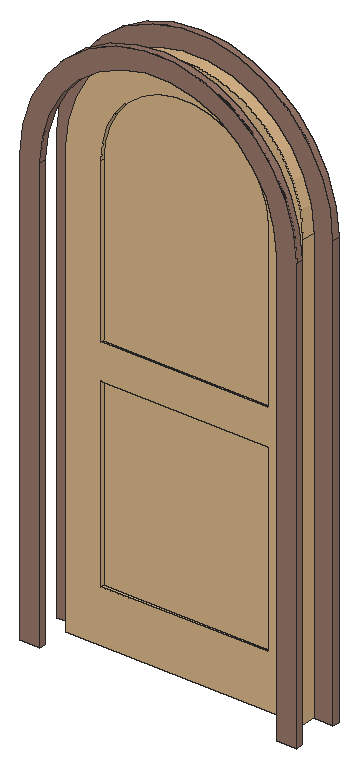
Revit family "0046_M_DR_W_single-2 panel-round top", category 문, Revit 2026
Family settings
  호스트 = 벽
  항상 수직 = 예
  로드될 때 보이드를 사용하여 절단 = 아니오
  공유 = 아니오
  룸 계산 점 = 아니오
Parameters (values of type "36" x 84"")
  기능 = 내부
  Trim Visible [instance] = yes
  두께 = 0' - 2"
  조합 코드 = "C1020"
  Door Material = Door - Panel
  Frame Material = Door - Frame
  Height = 7' - 0"
  Trim Projection Ext = 0' - 1"
  Trim Projection Int = 0' - 1"
  Trim Width = 0' - 3"
  벽 마무리 = 호스트별
  Width = 3' - 0"
Types (7): name | Height | Width
  36" x 84" | 7' - 0" | 3' - 0"
  34" x 84" | 7' - 0" | 2' - 10"
  32" x 84" | 7' - 0" | 2' - 8"
  30" x 84" | 7' - 0" | 2' - 6"
  30" x 80" | 6' - 8" | 2' - 6"
  36" x 80" | 6' - 8" | 3' - 0"
  34" x 80" | 6' - 8" | 2' - 10"
Reference planes (in)
  plane 1: y = 0
  plane 2: x = 0
  plane 3: x = -18
  plane 4: x = 18
  plane 5: z = 84
  plane 6: z = 66
  plane 7: z = 48
  plane 8: z = 8
  plane 9: x = -12.75
  plane 10: x = 12.75
  plane 11: z = 36
  plane 12: z = 41.25
Forms (in)
  Extrusion 1, solid, material "Door - Panel" <- "Door Material"
    sketch origin (0, 0, 0) x (1, 0, 0) y (0, 0, 1)
      loop
        line (-18, 66) -> (-18, 0) -> (18, 0) -> (18, 66)
        arc (18, 66) -> (0, 84) -> (-18, 66) r 18
      loop
        line (-12.75, 36) -> (-12.75, 8) -> (12.75, 8) -> (12.75, 36) -> (-12.75, 36)
      loop
        line (12.75, 41.25) -> (12.75, 66)
        arc (12.75, 66) -> (0, 78.75) -> (-12.75, 66) r 12.75
        line (-12.75, 66) -> (-12.75, 41.25) -> (12.75, 41.25)
    from -3 to -1
  Extrusion 2, solid, material "Door - Frame" <- "Frame Material", visible <- "Trim Visible"
    sketch origin (-60, -3, 0) x (1, 0, 0) y (0, 0, 1)
      loop
        arc (81, 66) -> (60, 87) -> (39, 66) r 21
        line (39, 66) -> (39, 0) -> (42, 0) -> (42, 66)
        arc (42, 66) -> (60, 84) -> (78, 66) r 18
        line (78, 66) -> (78, 0) -> (81, 0) -> (81, 66)
    from 0 to 1
  Extrusion 3, solid, material "Door - Frame" <- "Frame Material", visible <- "Trim Visible"
    sketch origin (-60, 3, 0) x (-1, 0, 0) y (0, 0, 1)
      loop
        arc (-78, 66) -> (-60, 84) -> (-42, 66) r 18
        line (-42, 66) -> (-42, 0) -> (-39, 0) -> (-39, 66)
        arc (-39, 66) -> (-60, 87) -> (-81, 66) r 21
        line (-81, 66) -> (-81, 0) -> (-78, 0) -> (-78, 66)
    from 0 to 1
  Extrusion 4, solid, material "Door - Panel" <- "Door Material"
    sketch origin (0, 0.16667, 0) x (0, 0, -1) y (1, 0, 0)
      loop
        line (-36, -12.75) -> (-8, -12.75) -> (-8, 12.75) -> (-36, 12.75) -> (-36, -12.75)
      loop
        line (-41.25, -12.75) -> (-41.25, 12.75) -> (-66, 12.75)
        arc (-66, 12.75) -> (-78.75, 0) -> (-66, -12.75) r 12.75
        line (-66, -12.75) -> (-41.25, -12.75)
    from -2.33333 to -1.33333
Lines and regions (in)
  Opening 1
    outline origin (-60, -3, 144) x (0, 0, -1) y (1, 0, 0)
      loop
        line (78, 42) -> (144, 42) -> (144, 78) -> (78, 78)
        arc (78, 78) -> (60, 60) -> (78, 42) r 18
  symbolic lines, style "DoorsPanelProjection"
    curve 1: line (18, 3, 0) -> (16, 3, 0)
    curve 2: line (18, 3, 0) -> (18, 39.0111, 0)
    curve 3: line (18, 39.0111, 0) -> (16, 39.0111, 0)
    curve 4: line (16, 3, 0) -> (16, 39.0111, 0)
  symbolic lines, style "Plan Swing"
    curve 5: arc (16, 39.0111, 0) -> (-8.2005, 27.78574, 0) -> (-18.06659, 3, 0) r 36.06659
  symbolic lines, style "InvisibleLines"
    curve 6: line (-18, 0, 84) -> (18, 0, 42)
  symbolic lines, style "Elevation Swing"
    curve 7: line (-18, 0, 0) -> (18, 0, 42)
    curve 8: line (18, 3, 42) -> (-13.12749, 3, 78.3154)
Dimensions and locks (in)
  equal spacing: plane 3, plane 2, plane 4
  "Width": plane 3 to plane 4
  locked: host wall to curve 1
  "Trim Projection Int": Extrusion 2 to host wall
  "두께": curve 4 to plane 4
  "두께": Extrusion 1 to host wall
  equal spacing: plane 5, curve 7, level
  "Width": plane 5 to plane 7
  equal spacing: plane 5, plane 6, plane 7
  "Height": plane 5 to level
  "Trim Width": Extrusion 2 sketch curve to plane 3
  "Trim Width": plane 4 to Extrusion 2 sketch curve
  "Trim Projection Ext": Extrusion 3 to host wall
  locked: plane 8 to level at 8
  locked: plane 12 to plane 11 at 5.25
  locked: plane 3 to plane 9 at 5.25
  locked: plane 10 to plane 4 at 5.25
  locked: plane 11 to plane 8 at 28
  locked: Extrusion 1 to Extrusion 4 at 0.5  (x2)
  aligned and locked: host wall to Extrusion 1
  aligned and locked: plane 6 to Extrusion 1 sketch curve  (x2)
  aligned and locked: Extrusion 1 sketch curve to host wall
  aligned and locked: plane 6 to Extrusion 2 sketch curve  (x2)
  aligned and locked: Extrusion 3 sketch curve to Extrusion 1  (x2)
  aligned and locked: Extrusion 3 sketch curve to level
  aligned and locked: level to Extrusion 3 sketch curve
  aligned and locked: plane 6 to Extrusion 3 sketch curve
  aligned and locked: curve 8 to curve 6
  aligned and locked: plane 10 to Extrusion 1 sketch curve  (x2)
  aligned and locked: Extrusion 1 sketch curve to plane 11
  aligned and locked: plane 8 to Extrusion 1 sketch curve
  aligned and locked: Extrusion 1 sketch curve to plane 9  (x2)
  aligned and locked: plane 12 to Extrusion 1 sketch curve
  aligned and locked: Extrusion 4 sketch curve to plane 11
  aligned and locked: Extrusion 4 sketch curve to plane 9  (x2)
  aligned and locked: plane 10 to Extrusion 4 sketch curve  (x2)
  aligned and locked: plane 8 to Extrusion 4 sketch curve
  aligned and locked: plane 12 to Extrusion 4 sketch curve
Automatic sketch dimensions
  curve 1 to plane 4 = 0' - 0"
  curve 5 to plane 4 = 0' - 0"
  plane 3 to curve 5 = 0' - 0.06659"
  curve 5 to host wall = 0' - 0"
  curve 6 to plane 3 = 0' - 0"
  curve 6 to plane 5 = 0' - 0"
  curve 7 to plane 4 = 0' - 0"
  curve 7 to level = 0' - 0"
  curve 7 to plane 3 = 0' - 0"
  Opening 1 sketch curve to plane 3 = 0' - 0"
  Opening 1 sketch curve to plane 6 = 0' - 0"
  Opening 1 sketch curve to level = 0' - 0"
  Opening 1 sketch curve to plane 2 = 0' - 0"
  Extrusion 2 sketch curve to Extrusion 2 sketch curve = 0' - 0"  (x2)
  Extrusion 2 sketch curve to level = 0' - 0"  (x2)
  Extrusion 2 sketch curve to plane 3 = 0' - 0"
  Extrusion 3 sketch curve to Extrusion 3 sketch curve = 0' - 0"  (x2)
  Extrusion 3 sketch curve to plane 4 = 0' - 3"
  curve 8 to plane 4 = 0' - 0"
  curve 8 to plane 3 = 0' - 4.87251"
  Extrusion 1 sketch curve to Extrusion 1 sketch curve = 0' - 0"  (x2)
  Extrusion 1 sketch curve to level = 0' - 0"
  Extrusion 4 sketch curve to plane 6 = 0' - 0"
